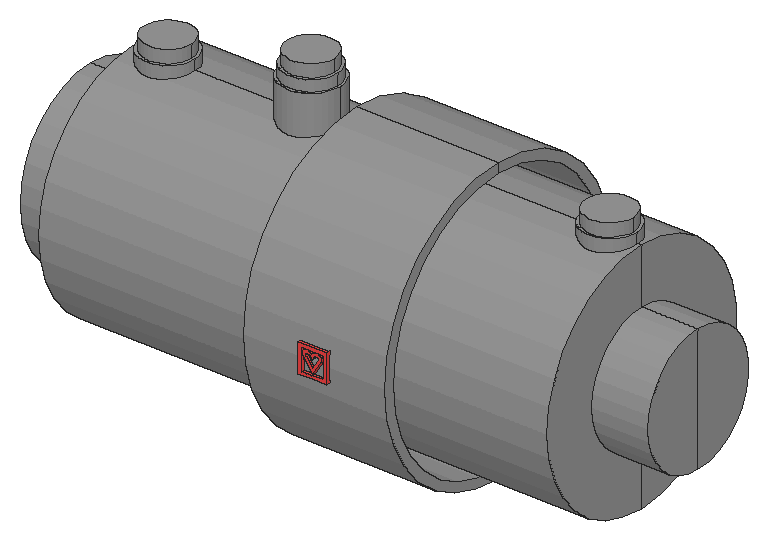
Revit family "Systemtrenner 0307 IG-AG", category Rohrzubehör, Revit 2019
Family settings
  Bemaßung runder Anschluss = Durchmesser verwenden
  Teiletyp = Unterbricht
  OmniClass-Nummer = 23.65.55.14
  OmniClass-Titel = Valves for Liquid Services
  Arbeitsebenenbasiert = Nein
  Immer vertikal = Ja
  Beim Laden mit Abzugskörper schneiden = Nein
  Gemeinsam genutzt = Nein
Parameters (values of type "IG-AG DN40-DN40")
  URL = "www.herz-armaturen.at"
  SCTWSEQ = "AW;SBT_TYP_AW=\"104\";2"
  SCTWCODE = "04;12;02"  # constant formula
  S03 = 15.000 mm  # constant formula
  S02 = 45.000 mm  # constant formula
  S01 = 98.000 mm  # constant formula
  Nennweite Ein [instance] = if(IG_AG_DN40_DN40, 40.000 mm, if(IG_AG_DN40_DN50, 40.000 mm, if(IG_AG_DN50_DN40, 50.000 mm, if(IG_AG_DN50_DN50, 50.000 mm, 0.000 mm))))  # 40.000 mm
  Nennweite Aus [instance] = if(IG_AG_DN40_DN40, 40.000 mm, if(IG_AG_DN40_DN50, 50.000 mm, if(IG_AG_DN50_DN40, 40.000 mm, if(IG_AG_DN50_DN50, 50.000 mm, 0.000 mm))))  # 40.000 mm
  Medium = "Wasser (ohne Dampf)"
  Max. Betriebstemperatur (Kurzzeitig) = 80 °C  # constant formula
  Max. Betriebstemperatur = 65 °C  # constant formula
  Max. Betriebsdruck = 1000000.0 Pa  # constant formula
  L08 = 45.000 mm  # constant formula
  L07 = 24.500 mm  # constant formula
  L06 = 70.000 mm  # constant formula
  L05 = 28.000 mm  # constant formula
  L04 = 13.500 mm  # constant formula
  L03 = 84.500 mm  # constant formula
  L02 = 18.000 mm  # constant formula
  L01 = 193.000 mm  # constant formula
  Hinweis = "Gemäß Art 33 der REACH-Verordnung (EG Nr. 1907/2006) sind wir verpflichtet, darauf hinzuweisen, dass der Stoff Blei auf der SVHC-Liste geführt wird und dass alle aus Messing bestehenden Bauteile, die in unseren Erzeugnissen verarbeitet sind, mehr als 0,1 % (w/w) Blei (CAS: 7439-92-1 / EINECS: 231-100-4) enthalten.\r\nDa Blei als Legierungsbestandteil fest gebunden ist, sind keine Expositionen zu erwarten und daher sind keine zusätzlichen Angaben zur sicheren Verwendung notwendig."
  Hersteller = "HERZ Armaturen Ges.m.b.H."  # constant formula
  Gehäuse = "Edelstahl"  # constant formula
  Einbaulage = "waagrecht oder senkrecht nach unten zeigend"  # constant formula
  D03 [instance] = if(IG_AG_DN40_DN40, 28.000 mm, if(IG_AG_DN40_DN50, 28.000 mm, if(IG_AG_DN50_DN40, 33.000 mm, if(IG_AG_DN50_DN50, 33.000 mm, 0.000 mm))))  # 28.000 mm
  D02 = 45.000 mm  # constant formula
  D01 = 37.500 mm  # constant formula
  Bestellnummer [instance] = if(IG_AG_DN40_DN40, "I030702", if(IG_AG_DN40_DN50, "I030710", if(IG_AG_DN50_DN40, "I030714", if(IG_AG_DN50_DN50, "I030706", "0"))))  # "I030702"
  Ausführung = "Der Systemtrenner wurde nach der Norm DIN EN 1717 entwickelt.\r\nLaut dieser Norm ist die Wasserqualität je nach Grad der Verschmutzung in 5 Klassen eingeteilt.\r\nDer Systemtrenner Typ BA erlaubt eine Absicherung gegen Nichttrinkwasser bis zur Gefahrenklasse 4, der höchsten Gefahrenklasse, die mit einer Armatur abgesichert werden kann.\r\nEine niedrigere Absicherung eines Standrohres als mit einem Systemtrenner BA nach DIN EN 1717 entspricht nicht mehr dem Stand der Technik und führt damit bei einem Schadensfall zur Haftpflicht des Betreibers eines solchen Standrohres.\r\nDie Funktionseinheit ist als einteilige Kartusche mit groß bemessenem Steuerkolben und druckstoßgedämpftem Ablassventilsystem ausgebildet.\r\nGewindeanschlüsse sind untereinander austauschbar, wodurch 16 mögliche Anschlussvarianten (Eingangs- und Ausgangsseite erhältlich in 1 1/2” Innen- oder Außengewinde alternativ in 2” Innen- oder Außengewinde)."
  Anwendung = "Der Systemtrenner ist eine kostengünstige Lösung zum Nachrüsten von Standrohren mit der nach DIN EN 1717 zwingend vorgeschriebenen Sicherungsarmatur gegen Rücksaugen, Rückfließen oder Rückdrücken von Nichttrinkwasser in die Trinkwasserleitung.\r\nDer Systemtrenner ist für den waagerechten Einbau geeignet.\r\nEr kann auch senkrecht montiert werden aber nach unten zeigend.\r\nFür den Einbau in eine Steigleitung ist er nicht zulässig."
  IG_AG_DN50_DN50 = no
  IG_AG_DN50_DN40 = no
  IG_AG_DN40_DN50 = no
  IG_AG_DN40_DN40 = yes
  IG Ein [instance] = Nennweite Ein / 2  # 20.000 mm
  AG Aus [instance] = Nennweite Aus / 2  # 20.000 mm
Types (5, lengths in mm): name | Nennweite Ein | Nennweite Aus | D03 | Bestellnummer | IG_AG_DN50_DN50 | IG_AG_DN50_DN40 | IG_AG_DN40_DN50 | IG_AG_DN40_DN40 | IG Ein | AG Aus
  (no name) | 40.000 | 40.000 | 28.000 | "I030702" | no | no | no | yes | 20.000 | 20.000
  IG-AG DN40-DN50 | 40.000 | 50.000 | 28.000 | "I030710" | no | no | yes | no | 20.000 | 25.000
  IG-AG DN40-DN40 | 40.000 | 40.000 | 28.000 | "I030702" | no | no | no | yes | 20.000 | 20.000
  IG-AG DN50-DN50 | 50.000 | 50.000 | 33.000 | "I030706" | yes | no | no | no | 25.000 | 25.000
  IG-AG DN50-DN40 | 50.000 | 40.000 | 33.000 | "I030714" | no | yes | no | no | 25.000 | 20.000
Reference planes
  plane 1 "Mitte (Vorne/hinten)": y = 0
  plane 2: z = 0
  plane 3 "Mitte (Links/rechts)": x = 0
Forms (mm)
  Revolve 1, solid, material "Messing, weicher Gelbton, geschweißt", detail levels fine
    sketch origin (0, 0, 0) x (1, 0, 0) y (0, 0, 1)
      loop
        line (96.5, 0) -> (96.5, 20) -> (78.5, 20) -> (78.5, 37.5) -> (-83, 37.5) -> (-83, 28) -> (-96.5, 28) -> (-96.5, 20) -> (-83, 20) -> (-83, 0) -> (96.5, 0)
      axis (-96.5, 0) -> (96.5, 0)
    angle from 0 to 360
  Revolve 2, solid, material "Acetalharz, Schwarz", detail levels fine
    sketch origin (0, 0, 0) x (1, 0, 0) y (0, 0, 1)
      loop
        line (-12, 0) -> (1.5, 0) -> (1.5, 42) -> (33, 42) -> (33, 45) -> (-12, 45) -> (-12, 0)
      axis (-12, 0) -> (33, 0)
    angle from 0 to 360
  Extrusion 3, solid, material "Messing, weicher Gelbton, geschweißt", detail levels fine
    sketch origin (0, 0, 0) x (1, 0, 0) y (0, 1, 0)
      loop
        circle (-72, 0) r 8.5
      loop
        circle (68.5, 0) r 8.5
    from 0 to 40.5
  Extrusion 4, solid, material "Acetalharz, Schwarz", detail levels fine
    sketch origin (0, 0, 0) x (1, 0, 0) y (0, 1, 0)
      loop
        circle (-72, 0) r 7.5
      loop
        circle (68.5, 0) r 7.5
    from 40.5 to 44.5
  Extrusion 5, solid, material "Messing, weicher Gelbton, geschweißt", detail levels fine
    sketch origin (0, 0, 0) x (1, 0, 0) y (0, 1, 0)
      loop
        circle (-26.5, 0) r 9.3
    from 0 to 49
  Extrusion 6, solid, material "Messing, weicher Gelbton, geschweißt", detail levels fine
    sketch origin (0, 0, 0) x (1, 0, 0) y (0, 1, 0)
      loop
        circle (-26.5, 0) r 8.5
    from 49 to 52.5
  Extrusion 7, solid, material "Acetalharz, Schwarz", visible <- "IG_AG_DN40_DN50", detail levels fine
    sketch origin (0, 0, 0) x (1, 0, 0) y (0, 1, 0)
      loop
        circle (-26.5, 0) r 7.5
    from 52.5 to 56.5
  Extrusion 8, solid, material "Acetalharz, Schwarz", visible <- "IG_AG_DN40_DN40", detail levels fine
    sketch origin (0, 0, 0) x (1, 0, 0) y (0, 1, 0)
      loop
        circle (-26.5, 0) r 7.5
    from 52.5 to 56.4
  Extrusion 9, solid, material "Acetalharz, Schwarz", visible <- "IG_AG_DN50_DN50", detail levels fine
    sketch origin (0, 0, 0) x (1, 0, 0) y (0, 1, 0)
      loop
        circle (-26.5, 0) r 7.5
    from 52.5 to 56.3
  Extrusion 10, solid, material "Acetalharz, Schwarz", visible <- "IG_AG_DN50_DN40", detail levels fine
    sketch origin (0, 0, 0) x (1, 0, 0) y (0, 1, 0)
      loop
        circle (-26.5, 0) r 7.5
    from 52.5 to 56.2
Lines and regions (mm)
  model lines, detail levels coarse+medium
    curve 1: line (-96.5, 0, 37.5) -> (96.5, 0, 37.5)
    curve 2: line (-96.5, 0, -37.5) -> (-96.5, 0, 37.5)
    curve 3: line (96.5, 0, -37.5) -> (-96.5, 0, -37.5)
    curve 4: line (96.5, 0, 37.5) -> (96.5, 0, -37.5)
    curve 5: line (-96.5, 0, -22.5) -> (-51.5, 0, -22.5)
    curve 6: line (-1.5, 0, -22.5) -> (96.5, 0, -22.5)
    curve 7: line (-96.5, 0, 22.5) -> (-51.5, 0, 22.5)
    curve 8: line (-1.5, 0, 22.5) -> (96.5, 0, 22.5)
    curve 9: line (-96.5, 37.5, 0) -> (96.5, 37.5, 0)
    curve 10: line (-96.5, -37.5, 0) -> (-96.5, 37.5, 0)
    curve 11: line (96.5, -37.5, 0) -> (-96.5, -37.5, 0)
    curve 12: line (96.5, 37.5, 0) -> (96.5, -37.5, 0)
    curve 13: line (-96.5, 22.5, 0) -> (-51.5, 22.5, 0)
    curve 14: line (-1.5, 22.5, 0) -> (96.5, 22.5, 0)
    curve 15: line (-96.5, -22.5, 0) -> (-51.5, -22.5, 0)
    curve 16: line (-1.5, -22.5, 0) -> (96.5, -22.5, 0)
Dimensions and locks
  equal spacing: curve 4, plane 3 "Mitte (Links/rechts)", curve 2
  "L01": curve 4 to curve 2
  "D01": curve 1 to plane 2 to curve 3
  "S03": curve 5 to curve 3
  "S03": curve 1 to curve 7
  "S03": curve 1 to curve 8
  "S03": curve 6 to curve 3
  "S02": curve 5 to curve 2
  "S02": curve 7 to curve 2
  "S01": curve 8 to curve 4
  "S01": curve 6 to curve 4
  equal spacing: curve 10, plane 3 "Mitte (Links/rechts)", curve 12
  "L01": curve 10 to curve 12
  "D01": curve 11 to plane 1 "Mitte (Vorne/hinten)" to curve 9
  "S03": curve 13 to curve 9
  "S03": curve 11 to curve 15
  "S03": curve 14 to curve 9
  "S03": curve 11 to curve 16
  "S01": curve 14 to curve 12
  "S01": curve 16 to curve 12
  "S02": curve 10 to curve 15
  "S02": curve 10 to curve 13
  "D02": Revolve 2 sketch curve to Revolve 2 sketch curve
  equal spacing: Revolve 2, nested 1, Revolve 2
  "D02": nested 1 to plane 1 "Mitte (Vorne/hinten)"
  Revolve 1 sketch curve to Revolve 1 sketch curve = 193.000 mm
  "AG Aus": Revolve 1 sketch curve to Revolve 1 sketch curve
  "IG Ein": Revolve 1 sketch curve to plane 2
  "D03": Revolve 1 sketch curve to plane 2
  "D01": Revolve 1 sketch curve to plane 2
  "L03": Revolve 1 to Revolve 2 sketch curve
  "L07": Revolve 1 to Extrusion 3 sketch curve
  "L05": Extrusion 3 sketch curve to Revolve 1
  "L05": Extrusion 4 sketch curve to Revolve 1
  "L07": Revolve 1 to Extrusion 4 sketch curve
  "L06": Revolve 1 to Extrusion 5 sketch curve
  "L06": Revolve 1 to Extrusion 6 sketch curve
  "L06": Revolve 1 to Extrusion 10 sketch curve
  "L06": Revolve 1 to Extrusion 9 sketch curve
  "L06": Revolve 1 to Extrusion 8 sketch curve
  "L06": Revolve 1 to Extrusion 7 sketch curve
  "L08": Revolve 2 sketch curve to Revolve 2 sketch curve
  aligned and locked: level to plane 2
Automatic sketch dimensions
  Revolve 1 sketch curve to level = 0.000 mm  (x2)
  Revolve 1 sketch curve to plane 3 "Mitte (Links/rechts)" = 96.500 mm
  Revolve 1 sketch curve to Revolve 1 sketch curve = 13.500 mm
  Revolve 1 sketch curve to Revolve 1 sketch curve = 0.000 mm
  plane 3 "Mitte (Links/rechts)" to Revolve 1 sketch curve = 78.500 mm
  Revolve 1 sketch curve to Revolve 1 sketch curve = 18.000 mm
  Revolve 1 sketch curve to Revolve 1 sketch curve = 1408.530 mm
  Revolve 1 sketch curve to Revolve 1 sketch curve = 1741.148 mm
  Revolve 2 sketch curve to level = 0.000 mm  (x2)
  plane 3 "Mitte (Links/rechts)" to Revolve 2 sketch curve = 1.500 mm
  Revolve 2 sketch curve to Revolve 2 sketch curve = 3.000 mm
  Revolve 2 sketch curve to Revolve 2 sketch curve = 1496.030 mm
  Revolve 2 sketch curve to Revolve 2 sketch curve = 1804.648 mm
  plane 1 "Mitte (Vorne/hinten)" to Extrusion 3 sketch curve = 0.000 mm  (x2)
  plane 1 "Mitte (Vorne/hinten)" to Extrusion 4 sketch curve = 0.000 mm  (x2)
  plane 1 "Mitte (Vorne/hinten)" to Extrusion 5 sketch curve = 0.000 mm
  plane 1 "Mitte (Vorne/hinten)" to Extrusion 6 sketch curve = 0.000 mm
  plane 1 "Mitte (Vorne/hinten)" to Extrusion 7 sketch curve = 0.000 mm
  plane 1 "Mitte (Vorne/hinten)" to Extrusion 8 sketch curve = 0.000 mm
  plane 1 "Mitte (Vorne/hinten)" to Extrusion 9 sketch curve = 0.000 mm
  plane 1 "Mitte (Vorne/hinten)" to Extrusion 10 sketch curve = 0.000 mm
  radius of Extrusion 3 sketch curve = 8.500 mm  (x2)
  radius of Extrusion 4 sketch curve = 7.500 mm  (x2)
  radius of Extrusion 5 sketch curve = 9.300 mm
  radius of Extrusion 6 sketch curve = 8.500 mm
  radius of Extrusion 7 sketch curve = 7.500 mm
  radius of Extrusion 8 sketch curve = 7.500 mm
  radius of Extrusion 9 sketch curve = 7.500 mm
  radius of Extrusion 10 sketch curve = 7.500 mm
Nested families
  nested 1: "Herz-Logo-vorne" at (10.5, -45, 0) x (0, 1, 0) z (0, 0, 1), type "Herz-Logo-vorne", detail levels fine
Connectors
  piping at (-83, 0, 0), diameter 40, driven by "Nennweite Ein"
    settings: on Revolve 1, index 1, connector inside diameter 609.6 mm, connector length 0.000 mm, flow factor 0, pipe flow 0.0 L/s, pressure drop 0.0 Pa, fitting loss kfactor 0, connector angle 0.00°, fixture units 0, engagement length 0.000 mm, angle of deflection 0.00°, flow configuration 0, flow direction 1, fitting loss method 0, system type 29, joint type 0, gender type 0, connector reference index -1, connector utility 0, adjustable connector no, is connector primary yes, connector description ""
  piping at (96.5, 0, 0), diameter 40, driven by "Nennweite Aus"
    settings: on Revolve 1, index 2, connector inside diameter 609.6 mm, connector length 0.000 mm, flow factor 0, pipe flow 0.0 L/s, pressure drop 0.0 Pa, fitting loss kfactor 0, connector angle 0.00°, fixture units 0, engagement length 0.000 mm, angle of deflection 0.00°, flow configuration 0, flow direction 2, fitting loss method 0, system type 29, joint type 0, gender type 0, connector reference index -1, connector utility 0, adjustable connector no, is connector primary no, connector description ""
Definition of nested family "Herz-Logo-vorne"
  Reference planes
    plane 1 "Mitte (Vorne/hinten)": y = 0
    plane 2: z = 0
    plane 3 "Mitte (Links/rechts)": x = 0
  Forms (mm)
    Extrusion 1, solid
      sketch origin (0.732, -0.018, 0.017) x (0, -1, 0) y (0, 0, 1)
        loop
          line (-0.018, -4.517) -> (4.482, -4.517) -> (4.482, 4.483) -> (-4.518, 4.483) -> (-4.518, -4.517) -> (-0.018, -4.517)
        loop
          line (-0.05, -3.48) -> (3.482, -3.48) -> (3.482, 3.483) -> (-3.518, 3.483) -> (-3.518, -3.48) -> (-0.05, -3.48)
        loop
          arc (-0.018, 2.383) -> (-1.543, 3.287) -> (-3.067, 2.383) r 1.738
          arc (-3.067, 2.383) -> (-3.191, 1.899) -> (-3.067, 1.415) r 1.009
          line (-3.067, 1.415) -> (-0.018, -3.281) -> (3.032, 1.415)
          arc (3.032, 1.415) -> (3.156, 1.899) -> (3.032, 2.383) r 1.009
          arc (3.032, 2.383) -> (1.507, 3.287) -> (-0.018, 2.383) r 1.738
        loop
          arc (1.885, 1.272) -> (2.005, 1.675) -> (1.885, 2.079) r 0.74
          arc (1.885, 2.079) -> (1.265, 2.416) -> (0.644, 2.079) r 0.74
          line (0.644, 2.079) -> (-0.018, 0.97) -> (-0.679, 2.079)
          arc (-0.679, 2.079) -> (-1.3, 2.416) -> (-1.921, 2.079) r 0.74
          arc (-1.921, 2.079) -> (-2.04, 1.675) -> (-1.921, 1.272) r 0.74
          line (-1.921, 1.272) -> (-0.018, -1.658) -> (1.885, 1.272)
      from 0 to 1.5
  Dimensions and locks
    aligned and locked: level to plane 2
